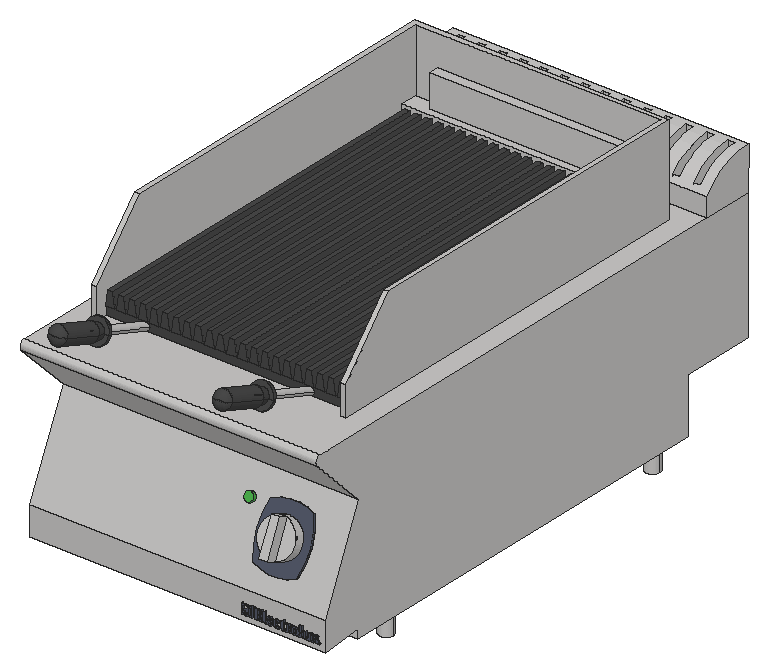
Revit family "QF_ELECTROLUXPROFESSIONAL_371239_E7GREDGS0U", category Specialty Equipment, Revit 2018
Family settings
  Round Connector Dimension = Use Diameter
  Part Type = Normal
  Work Plane-Based = No
  Always vertical = Yes
  Cut with Voids When Loaded = No
  Shared = No
  Room Calculation Point = No
Parameters
  Width = 400.05 mm  # constant formula
  Weight in Pounds = 71  # constant formula
  Watts = 6000 VA  # 6000 W
  Volts = 400 V  # constant formula
  URL Cutsheet = "www.electrolux.com/foodservice"
  URL = "www.electrolux.com/foodservice"
  Type Mark [instance] = ""
  Status [instance] = ""
  Specification by User [instance] = ""
  Specification by Manufacturer = ""
  Show Logo [instance] = yes
  Show Clearance [instance] = yes
  Serial Number = ""
  Seismic Rating = ""
  SMACNA No = ""
  Revision Code [instance] = ""
  Phase = 3  # constant formula
  Omniclass Number and Title = ""
  Number of Poles [instance] = 1
  NAFEM Spec ID Number = ""
  Model = "371062"
  Min Ckt Ampacity = 0 A
  Max Overcurrent Protection = 0 A
  Masterspec = ""
  Manufacturer = "ELECTROLUX"
  Item Number [instance] = ""
  Installed By [instance] = ""
  Identify Quantity as Lot [instance] = yes
  Height = 396 mm  # constant formula
  HP = "5.4 HP"
  Furnished By [instance] = ""
  Foodservice Equipment Identifier [instance] = yes
  FL Amps = if(Phase = 3, Watts / (Volts * 1.73), Watts / Volts)  # 8.67052 A
  Electrical Remarks [instance] = "400 V/3N ph/50/60 Hz"  # constant formula
  Electric Connection Type [instance] = ""
  Elec Conn RI Height [instance] = 0 mm
  Elec Conn Connection Height [instance] = 0 mm
  Direct Waste Size = 0"
  Description = "700XP Half Module Electric Char-Grill Top"
  Depth = 730.25 mm  # constant formula
  Cycle [instance] = if([60 Hertz Option], 60 Hz, 50 Hz)  # 60 Hz
  Conn Plug = ""
  Conn Conduit = yes
  CSI MasterFormat = ""
  CSI Master Format = ""
  Base Height [instance] = 23.813 mm  # constant formula
  Assembly Code = ""
  Apparent Power = if(Phase = 3, Volts * FL Amps * 1.73, Volts * FL Amps)  # 6000 VA
  60 Hertz Option [instance] = not([50 Hertz Option])  # yes
  50 Hertz Option [instance] = no
Reference planes
  plane 1 "BACK": y = 0
  plane 2: z = 0
  plane 3 "LEFT": x = 0
  plane 4 "RIGHT": x = 400.05
  plane 5 "FRONT": y = -730.25
  plane 6 "TOP": z = 288.925
  plane 7 "Center Y": x = 200.025
  plane 8 "Center X": y = -365.125
  plane 9 "BASE": z = 23.813
  plane 10 "TOP A": z = 274.638
  plane 11: y = -597.884
  plane 12: y = -147.637
  plane 13: z = 396
Forms (mm)
  Extrusion 1, solid, material "QF_Finishes_Stainless Steel"
    sketch origin (0, 0, 0) x (0, 1, 0) y (0, 0, 1)
      loop
        line (0, 274.638) -> (-722.762, 274.638)
        arc (-722.762, 274.638) -> (-729.591, 270.074) -> (-727.988, 262.019) r 7.392
        line (-727.988, 262.019) -> (-657.416, 191.447) -> (-713.772, 69.003) -> (-713.772, 30.903) -> (-660.4, 36.513) -> (-660.4, 23.812) -> (-101.6, 23.812) -> (-101.6, 98.425) -> (0, 98.425) -> (0, 274.638)
    from 0 to 400.05
  Extrusion 2, solid, material "QF_Finishes_Stainless Steel"
    sketch origin (0, 0, 0) x (1, 0, 0) y (0, 1, 0)
      loop
        circle (11.112, -147.638) r 9.525
      loop
        circle (11.112, -597.884) r 9.525
      loop
        circle (388.937, -147.638) r 9.525
      loop
        circle (388.937, -597.884) r 9.525
    from 0 to 23.813
  Extrusion 3, solid, material "QF_Finishes_Navy Blue", visible <- "Show Logo"
    sketch origin (0, -713.772, 30.903) x (0, 0, 1) y (-1, 0, 0)
      loop
        line (20.674, -296.698) -> (8.307, -296.698)
        arc (8.307, -296.698) -> (14.491, -301.27) -> (20.674, -296.698) r 6.467
      loop
        arc (20.674, -296.069) -> (19.505, -290.926) -> (14.849, -288.448) r 6.338
        line (14.849, -288.448) -> (14.849, -290.494)
        arc (14.849, -290.494) -> (16.333, -294.149) -> (19.778, -296.069) r 5.941
        line (19.778, -296.069) -> (20.674, -296.069)
      loop
        arc (9.203, -296.069) -> (12.648, -294.149) -> (14.132, -290.494) r 5.941
        line (14.132, -290.494) -> (14.132, -288.448)
        arc (14.132, -288.448) -> (9.438, -290.922) -> (8.148, -296.069) r 6.504
        line (8.148, -296.069) -> (9.203, -296.069)
      loop
        line (21.349, -287.979) -> (7.604, -287.979) -> (7.604, -301.742) -> (21.349, -301.742) -> (21.349, -287.979)
      loop
        arc (21.432, -304.71) -> (21.085, -304.352) -> (20.718, -304.69) r 0.358
        arc (20.718, -304.69) -> (20.404, -305.44) -> (19.687, -305.825) r 1.216
        line (19.687, -305.825) -> (9.274, -305.825)
        arc (9.274, -305.825) -> (8.614, -305.548) -> (8.218, -304.951) r 1.238
        arc (8.218, -304.951) -> (7.823, -304.7) -> (7.518, -305.054) r 0.358
        line (7.518, -305.054) -> (7.518, -314.933) -> (10.269, -314.933) -> (10.269, -314.036)
        arc (10.269, -314.036) -> (9.36, -313.456) -> (8.904, -312.479) r 1.928
        line (8.904, -312.479) -> (8.904, -309.98)
        arc (8.904, -309.98) -> (9.18, -309.251) -> (9.868, -308.887) r 1.101
        line (9.868, -308.887) -> (13.955, -308.887) -> (13.955, -312.561)
        arc (13.955, -312.561) -> (13.602, -313.058) -> (13.037, -313.286) r 1.083
        arc (13.037, -313.286) -> (12.773, -313.591) -> (13.065, -313.869) r 0.292
        line (13.065, -313.869) -> (16.028, -313.869)
        arc (16.028, -313.869) -> (16.33, -313.596) -> (16.092, -313.266) r 0.305
        arc (16.092, -313.266) -> (15.601, -313.018) -> (15.296, -312.561) r 1.083
        line (15.296, -312.561) -> (15.296, -308.887) -> (19.973, -308.887) -> (19.973, -312.635)
        arc (19.973, -312.635) -> (19.759, -313.39) -> (19.153, -313.888) r 1.314
        arc (19.153, -313.888) -> (18.934, -314.292) -> (19.288, -314.585) r 0.361
        line (19.288, -314.585) -> (21.432, -314.585) -> (21.432, -304.71)
      loop
        arc (20.715, -315.365) -> (20.335, -316.284) -> (19.416, -316.664) r 1.299
        line (19.416, -316.664) -> (9.837, -316.664)
        arc (9.837, -316.664) -> (8.999, -316.286) -> (8.728, -315.408) r 1.118
        line (8.728, -315.408) -> (7.518, -315.408) -> (7.518, -320.758) -> (8.706, -320.758)
        arc (8.706, -320.758) -> (8.978, -319.841) -> (9.848, -319.445) r 1.153
        line (9.848, -319.445) -> (21.92, -319.445) -> (20.715, -315.365)
      loop
        line (12.483, -323.394) -> (12.483, -329.842) -> (13.282, -329.842)
        arc (13.282, -329.842) -> (15.862, -328.857) -> (17.131, -326.404) r 3.874
        line (17.131, -326.404) -> (17.131, -324.643)
        arc (17.131, -324.643) -> (15.944, -321.778) -> (13.08, -320.592) r 4.051
        line (13.08, -320.592) -> (11.072, -320.592)
        arc (11.072, -320.592) -> (8.253, -322.077) -> (7.202, -325.084) r 4.352
        arc (7.202, -325.084) -> (7.566, -327.547) -> (8.943, -329.621) r 5.713
        line (8.943, -329.621) -> (9.892, -329.621)
        arc (9.892, -329.621) -> (9.16, -328.052) -> (8.943, -326.334) r 5.579
        arc (8.943, -326.334) -> (9.737, -324.371) -> (11.616, -323.394) r 3.057
        line (11.616, -323.394) -> (12.483, -323.394)
      loop
        line (13.742, -323.394) -> (13.742, -326.977)
        arc (13.742, -326.977) -> (15.199, -327.024) -> (16.082, -325.864) r 1.59
        line (16.082, -325.864) -> (16.082, -325.034)
        arc (16.082, -325.034) -> (15.217, -323.779) -> (13.742, -323.394) r 2.184
      loop
        arc (16.533, -339.259) -> (17.022, -337.585) -> (17.179, -335.848) r 9.023
        line (17.179, -335.848) -> (17.179, -334.486)
        arc (17.179, -334.486) -> (16.02, -331.686) -> (13.22, -330.527) r 3.959
        line (13.22, -330.527) -> (10.62, -330.527)
        arc (10.62, -330.527) -> (8.338, -331.819) -> (7.221, -334.192) r 4.331
        line (7.221, -334.192) -> (7.221, -336.327)
        arc (7.221, -336.327) -> (7.729, -337.877) -> (8.651, -339.223) r 5.772
        arc (8.651, -339.223) -> (9.412, -339.274) -> (9.499, -338.515) r 0.553
        arc (9.499, -338.515) -> (9.111, -337.781) -> (8.977, -336.962) r 2.573
        line (8.977, -336.962) -> (8.977, -335.447)
        arc (8.977, -335.447) -> (9.983, -333.806) -> (11.798, -333.163) r 2.884
        line (11.798, -333.163) -> (13.077, -333.163)
        arc (13.077, -333.163) -> (14.898, -333.723) -> (15.824, -335.388) r 2.554
        line (15.824, -335.388) -> (15.824, -336.441)
        arc (15.824, -336.441) -> (15.493, -337.369) -> (14.836, -338.104) r 2.564
        arc (14.836, -338.104) -> (14.614, -338.821) -> (15.223, -339.259) r 0.643
        line (15.223, -339.259) -> (16.533, -339.259)
      loop
        line (15.515, -339.53) -> (15.515, -341.031) -> (9.467, -341.031)
        arc (9.467, -341.031) -> (7.879, -341.688) -> (7.221, -343.276) r 2.246
        line (7.221, -343.276) -> (7.221, -344.86)
        arc (7.221, -344.86) -> (7.535, -345.725) -> (8.035, -346.496) r 4.06
        arc (8.035, -346.496) -> (8.768, -346.629) -> (9.019, -345.928) r 0.576
        arc (9.019, -345.928) -> (8.913, -345.403) -> (8.977, -344.87) r 1.69
        arc (8.977, -344.87) -> (9.519, -344.082) -> (10.425, -343.779) r 1.506
        line (10.425, -343.779) -> (15.563, -343.779) -> (15.563, -346.176) -> (16.119, -346.733) -> (16.941, -346.733) -> (16.941, -343.873) -> (20.172, -343.873) -> (15.515, -339.53)
      loop
        line (7.438, -347.63) -> (7.438, -353.017) -> (8.548, -353.017)
        arc (8.548, -353.017) -> (8.942, -352.066) -> (9.893, -351.672) r 1.345
        line (9.893, -351.672) -> (13.509, -351.672)
        arc (13.509, -351.672) -> (14.274, -352.264) -> (14.564, -353.186) r 1.615
        line (14.564, -353.186) -> (14.564, -354.742) -> (17.119, -355.427) -> (17.119, -354.044) -> (15.177, -351.485) -> (17.057, -351.485) -> (16.773, -348.779)
        arc (16.773, -348.779) -> (16.333, -348.249) -> (15.674, -348.45) r 0.621
        arc (15.674, -348.45) -> (15.274, -348.792) -> (14.78, -348.975) r 1.501
        line (14.78, -348.975) -> (9.893, -348.975)
        arc (9.893, -348.975) -> (8.942, -348.581) -> (8.548, -347.63) r 1.345
        line (8.548, -347.63) -> (7.438, -347.63)
      loop
        line (13.54, -354.964) -> (10.848, -354.964)
        arc (10.848, -354.964) -> (8.403, -356.272) -> (7.269, -358.803) r 4.288
        arc (7.269, -358.803) -> (7.205, -360.183) -> (7.269, -361.563) r 15.022
        arc (7.269, -361.563) -> (8.403, -364.094) -> (10.848, -365.401) r 4.288
        line (10.848, -365.401) -> (13.54, -365.401)
        arc (13.54, -365.401) -> (15.986, -364.094) -> (17.119, -361.563) r 4.288
        arc (17.119, -361.563) -> (17.183, -360.183) -> (17.119, -358.803) r 15.022
        arc (17.119, -358.803) -> (15.986, -356.272) -> (13.54, -354.964) r 4.288
      loop
        line (13.745, -358.078) -> (10.643, -358.078)
        arc (10.643, -358.078) -> (8.486, -360.235) -> (10.643, -362.392) r 2.157
        line (10.643, -362.392) -> (13.745, -362.392)
        arc (13.745, -362.392) -> (15.902, -360.235) -> (13.745, -358.078) r 2.157
      loop
        arc (20.726, -365.26) -> (20.355, -366.154) -> (19.461, -366.524) r 1.264
        line (19.461, -366.524) -> (9.597, -366.524)
        arc (9.597, -366.524) -> (8.727, -366.127) -> (8.455, -365.211) r 1.153
        line (8.455, -365.211) -> (7.518, -365.211) -> (7.518, -370.319) -> (8.446, -370.319)
        arc (8.446, -370.319) -> (8.805, -369.547) -> (9.597, -369.232) r 1.153
        line (9.597, -369.232) -> (21.92, -369.232) -> (20.726, -365.26)
      loop
        arc (15.846, -369.857) -> (15.647, -370.921) -> (14.678, -371.403) r 1.215
        line (14.678, -371.403) -> (9.658, -371.403)
        arc (9.658, -371.403) -> (8.043, -372.051) -> (7.322, -373.634) r 2.338
        line (7.322, -373.634) -> (7.322, -375.148)
        arc (7.322, -375.148) -> (7.497, -376.152) -> (7.999, -377.038) r 2.979
        line (7.999, -377.038) -> (7.518, -378.835) -> (7.518, -380.524) -> (16.943, -380.524) -> (16.649, -376.32) -> (15.863, -376.32)
        arc (15.863, -376.32) -> (15.507, -377.156) -> (14.755, -377.665) r 1.605
        line (14.755, -377.665) -> (9.652, -377.665)
        arc (9.652, -377.665) -> (9.232, -376.728) -> (9.159, -375.704) r 2.94
        arc (9.159, -375.704) -> (9.72, -374.603) -> (10.873, -374.16) r 1.724
        line (10.873, -374.16) -> (17.07, -374.16) -> (15.846, -369.857)
      loop
        line (16.874, -381.377) -> (15.202, -383.423) -> (12.028, -385.729) -> (8.572, -382.617)
        arc (8.572, -382.617) -> (8.335, -382.223) -> (8.357, -381.764) r 0.789
        line (8.357, -381.764) -> (7.518, -381.764) -> (7.518, -385.309) -> (8.344, -385.309)
        arc (8.344, -385.309) -> (8.686, -384.947) -> (9.176, -385.039) r 0.52
        line (9.176, -385.039) -> (10.976, -386.51) -> (8.858, -387.886)
        arc (8.858, -387.886) -> (8.457, -387.576) -> (8.37, -387.076) r 0.7
        line (8.37, -387.076) -> (7.518, -387.076) -> (7.518, -393.003) -> (8.405, -393.003)
        arc (8.405, -393.003) -> (8.472, -392.344) -> (8.866, -391.813) r 1.247
        line (8.866, -391.813) -> (13.066, -388.532) -> (15.513, -390.585) -> (16.874, -392.327) -> (16.874, -388.604) -> (15.389, -389.026) -> (13.868, -387.749) -> (15.568, -386.559) -> (16.874, -387.336) -> (16.874, -381.377)
    from 0 to 1.644
  Extrusion 4, solid, material "QF_Finishes_Stainless Steel"
    sketch origin (0, -101.6, 101.6) x (0, 0, -1) y (-1, 0, 0)
      loop
        circle (43.882, -347.663) r 8.467
    from 0 to 3.175
  Extrusion 5, solid, material "QF_Finishes_Clearance", visible <- "Show Clearance", detail levels coarse
    sketch origin (0, 0, 0) x (1, 0, 0) y (0, 1, 0)
      loop
        line (0, -730.25) -> (0, 0) -> (400.05, 0) -> (400.05, -730.25) -> (550.069, -730.25) -> (550.069, 150.019) -> (-150.019, 150.019) -> (-150.019, -730.25) -> (0, -730.25)
    from 0 to 396
  Extrusion 6, solid, material "QF_Finishes_Stainless Steel"
    sketch origin (0, 0, 0) x (0, 1, 0) y (0, 0, 1)
      loop
        line (0, 274.638) -> (0, 333.375)
        arc (0, 333.375) -> (-38.879, 324.991) -> (-69.85, 300.038) r 86.156
        line (-69.85, 300.038) -> (-69.85, 274.638) -> (0, 274.638)
    from 0 to 400.05
  Extrusion 7, void
    sketch origin (0, 0, 274.638) x (-1, 0, 0) y (0, -1, 0)
      loop
        line (-13.453, 6.761) -> (-13.453, 63.911) -> (-22.749, 63.911) -> (-22.749, 6.761) -> (-13.453, 6.761)
    from 25.4 to 63.5
  Extrusion 8, void
    sketch origin (400.05, 0, 274.638) x (1, 0, 0) y (0, 1, 0)
      loop
        line (-13.453, -6.761) -> (-22.749, -6.761) -> (-22.749, -63.911) -> (-13.453, -63.911) -> (-13.453, -6.761)
    from 25.4 to 63.5
  Extrusion 9, void
    sketch origin (27.988, 0, 274.638) x (-1, 0, 0) y (0, -1, 0)
      loop
        line (-13.453, 6.761) -> (-13.453, 63.911) -> (-22.749, 63.911) -> (-22.749, 6.761) -> (-13.453, 6.761)
    from 25.4 to 63.5
  Extrusion 10, void
    sketch origin (55.977, 0, 274.638) x (-1, 0, 0) y (0, -1, 0)
      loop
        line (-13.453, 6.761) -> (-13.453, 63.911) -> (-22.749, 63.911) -> (-22.749, 6.761) -> (-13.453, 6.761)
    from 25.4 to 63.5
  Extrusion 11, void
    sketch origin (83.965, 0, 274.638) x (-1, 0, 0) y (0, -1, 0)
      loop
        line (-13.453, 6.761) -> (-13.453, 63.911) -> (-22.749, 63.911) -> (-22.749, 6.761) -> (-13.453, 6.761)
    from 25.4 to 63.5
  Extrusion 12, void
    sketch origin (111.953, 0, 274.638) x (-1, 0, 0) y (0, -1, 0)
      loop
        line (-13.453, 6.761) -> (-13.453, 63.911) -> (-22.749, 63.911) -> (-22.749, 6.761) -> (-13.453, 6.761)
    from 25.4 to 63.5
  Extrusion 13, void
    sketch origin (139.942, 0, 274.638) x (-1, 0, 0) y (0, -1, 0)
      loop
        line (-13.453, 6.761) -> (-13.453, 63.911) -> (-22.749, 63.911) -> (-22.749, 6.761) -> (-13.453, 6.761)
    from 25.4 to 63.5
  Extrusion 14, void
    sketch origin (167.93, 0, 274.638) x (-1, 0, 0) y (0, -1, 0)
      loop
        line (-13.453, 6.761) -> (-13.453, 63.911) -> (-22.749, 63.911) -> (-22.749, 6.761) -> (-13.453, 6.761)
    from 25.4 to 63.5
  Extrusion 15, void
    sketch origin (195.918, 0, 274.638) x (-1, 0, 0) y (0, -1, 0)
      loop
        line (-13.453, 6.761) -> (-13.453, 63.911) -> (-22.749, 63.911) -> (-22.749, 6.761) -> (-13.453, 6.761)
    from 25.4 to 63.5
  Extrusion 16, void
    sketch origin (223.907, 0, 274.638) x (-1, 0, 0) y (0, -1, 0)
      loop
        line (-13.453, 6.761) -> (-13.453, 63.911) -> (-22.749, 63.911) -> (-22.749, 6.761) -> (-13.453, 6.761)
    from 25.4 to 63.5
  Extrusion 17, void
    sketch origin (251.895, 0, 274.638) x (-1, 0, 0) y (0, -1, 0)
      loop
        line (-13.453, 6.761) -> (-13.453, 63.911) -> (-22.749, 63.911) -> (-22.749, 6.761) -> (-13.453, 6.761)
    from 25.4 to 63.5
  Extrusion 18, void
    sketch origin (279.884, 0, 274.638) x (-1, 0, 0) y (0, -1, 0)
      loop
        line (-13.453, 6.761) -> (-13.453, 63.911) -> (-22.749, 63.911) -> (-22.749, 6.761) -> (-13.453, 6.761)
    from 25.4 to 63.5
  Extrusion 19, void
    sketch origin (307.872, 0, 274.638) x (-1, 0, 0) y (0, -1, 0)
      loop
        line (-13.453, 6.761) -> (-13.453, 63.911) -> (-22.749, 63.911) -> (-22.749, 6.761) -> (-13.453, 6.761)
    from 25.4 to 63.5
  Extrusion 20, void
    sketch origin (335.86, 0, 274.638) x (-1, 0, 0) y (0, -1, 0)
      loop
        line (-13.453, 6.761) -> (-13.453, 63.911) -> (-22.749, 63.911) -> (-22.749, 6.761) -> (-13.453, 6.761)
    from 25.4 to 63.5
  Sweep 21, solid, material "QF_Finishes_Stainless Steel"
    path origin (0, -2.381, 274.638) x (-1, 0, 0) y (0, -1, 0)
      loop
        line (-365.025, 642.504) -> (-365.025, 102.504) -> (-35.025, 102.504) -> (-35.025, 642.504)
    profile origin (35.025, -374.885, 274.638) x (1, 0, 0) y (0, 0, 1)
      loop
        line (-6.35, 0) -> (0, 0) -> (0, 121.362) -> (-6.35, 121.362) -> (-6.35, 0)
  Extrusion 22, void
    sketch origin (28.675, -98.535, 274.638) x (0, 1, 0) y (0, 0, 1)
      loop
        line (-546.35, 40.481) -> (-473.32, 121.363) -> (-546.35, 121.363) -> (-546.35, 40.481)
    from 0 to 6.35
  Extrusion 23, void
    sketch origin (371.375, -644.885, 274.638) x (0, -1, 0) y (0, 0, 1)
      loop
        line (0, 40.481) -> (0, 121.362) -> (-73.03, 121.362) -> (0, 40.481)
    from 0 to 6.35
  Extrusion 24, solid, material "QF_Finishes_Navy Blue"
    sketch origin (161.494, -713.772, 69.003) x (0, 0.418102, 0.9084) y (-1, 0, 0)
      loop
        arc (102.623, -132.62) -> (67.041, -124.996) -> (31.333, -132.003) r 90.5
        arc (31.333, -132.003) -> (24.507, -161.19) -> (31.333, -190.378) r 65.817
        arc (31.333, -190.378) -> (67.04, -197.338) -> (102.623, -189.765) r 91.066
        arc (102.623, -189.765) -> (109.179, -161.193) -> (102.623, -132.62) r 65.546
    from 0 to 3.175
  Extrusion 25, solid, material "QF_Finishes_Stainless Steel"
    sketch origin (161.494, -717.485, 68.529) x (0, 0.418102, 0.9084) y (-1, 0, 0)
      loop
        circle (68.826, -160.963) r 25.4
    from 0 to 12.7
  Extrusion 26, solid, material "QF_Finishes_Stainless Steel"
    sketch origin (161.494, -729.022, 73.839) x (0, 0.418102, 0.9084) y (-1, 0, 0)
      loop
        arc (93.558, -166.749) -> (94.226, -160.963) -> (93.558, -155.177) r 25.4
        line (93.558, -155.177) -> (44.094, -155.177)
        arc (44.094, -155.177) -> (43.426, -160.963) -> (44.094, -166.749) r 25.4
        line (44.094, -166.749) -> (93.558, -166.749)
    from 0 to 12.7
  Extrusion 27, solid, material "QF_Finishes_Green"
    sketch origin (175.781, -713.772, 69.003) x (0, 0.418102, 0.9084) y (-1, 0, 0)
      loop
        circle (95.112, -90.848) r 6.35
    from 0 to 3.175
  Extrusion 28, solid, material "QF_Finishes_Black"
    sketch origin (0, 0, 274.638) x (0, -1, 0) y (1, 0, 0)
      loop
        line (629.449, 35.025) -> (629.449, 365.025) -> (130.285, 365.025) -> (130.285, 35.025) -> (629.449, 35.025)
    from 0 to 12.7
  Extrusion 29, solid, material "QF_Finishes_Stainless Steel"
    sketch origin (0, 0, 274.638) x (0, -1, 0) y (1, 0, 0)
      loop
        line (130.285, 36.446) -> (130.285, 363.471) -> (107.795, 363.471) -> (107.795, 36.446) -> (130.285, 36.446)
    from 0 to 37.056
  Extrusion 30, solid, material "QF_Finishes_Stainless Steel"
    sketch origin (27.525, -633.969, 275.303) x (1, 0, 0) y (0, 0.34202, 0.939693)
      loop
        circle (61.287, 5.861) r 5
    from -3.7 to 82.273
  Revolve 31, solid, material "QF_Finishes_Black"
    sketch origin (20, -49.305, 68.74) x (-1, 0, 0) y (0, -0.939693, 0.34202)
      loop
        line (-68.646, 702.326) -> (-52.047, 702.326) -> (-52.047, 705.521) -> (-58.855, 705.521) -> (-56.599, 718.318) -> (-56.599, 774.739)
        arc (-56.599, 774.739) -> (-61.206, 781.03) -> (-68.646, 783.364) r 12.496
        line (-68.646, 783.364) -> (-68.646, 702.326)
      axis (-68.812, 702.326) -> (-68.812, 783.364)
    angle from 0 to 360
  Extrusion 32, solid, material "QF_Finishes_Stainless Steel"
    sketch origin (372.525, -633.969, 275.303) x (-1, 0, 0) y (0, -0.34202, -0.939693)
      loop
        circle (61.287, -5.861) r 5
    from -3.7 to 82.273
  Revolve 33, solid, material "QF_Finishes_Black"
    sketch origin (380.05, -49.305, 68.74) x (1, 0, 0) y (0, 0.939693, -0.34202)
      loop
        line (-68.646, -702.326) -> (-68.646, -783.364)
        arc (-68.646, -783.364) -> (-61.206, -781.03) -> (-56.599, -774.739) r 12.496
        line (-56.599, -774.739) -> (-56.599, -718.318) -> (-58.855, -705.521) -> (-52.047, -705.521) -> (-52.047, -702.326) -> (-68.646, -702.326)
      axis (-68.812, -702.326) -> (-68.812, -783.364)
    angle from 0 to 360
  Extrusion 34, solid, material "QF_Finishes_Stainless Steel"
    sketch origin (0, 0, 311.693) x (0, -1, 0) y (1, 0, 0)
      loop
        line (107.795, 66.394) -> (120.723, 66.394) -> (120.723, 333.656) -> (107.795, 333.656) -> (107.795, 66.394)
    from 0 to 43.675
Cuts and joins
  Extrusion 7, Extrusion 8, Extrusion 9, Extrusion 10, Extrusion 11, Extrusion 12, Extrusion 13, Extrusion 14, Extrusion 15, Extrusion 16, Extrusion 17, Extrusion 18, Extrusion 19, Extrusion 20 cuts Extrusion 6
  Extrusion 22, Extrusion 23 cuts Sweep 21
Lines and regions (mm)
  symbolic lines, style "QF-Clearances", visible <- "Show Clearance", detail levels coarse
    curve 1: line (550.069, 150.019, 274.638) -> (-150.019, 150.019, 274.638)
    curve 2: line (550.069, -731.627, 274.638) -> (550.069, 150.019, 274.638)
    curve 3: line (-150.019, 150.019, 274.638) -> (-150.019, -730.25, 274.638)
    curve 4: line (550.069, 150.019, 274.638) -> (-150.019, 150.019, 274.638)
    curve 5: line (550.069, -730.25, 274.638) -> (550.069, 150.019, 274.638)
  symbolic lines
    curve 6: line (0, 0, 274.638) -> (400.05, 0, 274.638)
    curve 7: line (0, -730.25, 274.638) -> (0, 0, 274.638)
    curve 8: line (400.05, 0, 274.638) -> (400.05, -730.25, 274.638)
    curve 9: line (35.025, -104.885, 274.638) -> (35.025, -644.885, 274.638)
    curve 10: line (28.675, -644.885, 274.638) -> (35.025, -644.885, 274.638)
    curve 11: line (365.025, -644.885, 274.638) -> (365.025, -104.885, 274.638)
    curve 12: line (365.025, -104.885, 274.638) -> (35.025, -104.885, 274.638)
    curve 13: line (0, -69.85, 274.638) -> (400.05, -69.85, 274.638)
    curve 14: line (400.05, -730.25, 274.638) -> (323.451, -730.25, 274.638)
    curve 15: line (28.675, -98.535, 274.638) -> (28.675, -644.885, 274.638)
    curve 16: line (28.675, -98.535, 274.638) -> (371.375, -98.535, 274.638)
    curve 17: line (371.375, -98.535, 274.638) -> (371.375, -644.885, 274.638)
    curve 18: line (13.453, -6.761, 274.638) -> (22.749, -6.761, 274.638)
    curve 19: line (13.453, -63.911, 274.638) -> (13.453, -6.761, 274.638)
    curve 20: line (22.749, -63.911, 274.638) -> (13.453, -63.911, 274.638)
    curve 21: line (22.749, -6.761, 274.638) -> (22.749, -63.911, 274.638)
    curve 22: line (41.441, -6.761, 274.638) -> (50.737, -6.761, 274.638)
    curve 23: line (41.441, -63.911, 274.638) -> (41.441, -6.761, 274.638)
    curve 24: line (50.737, -63.911, 274.638) -> (41.441, -63.911, 274.638)
    curve 25: line (50.737, -6.761, 274.638) -> (50.737, -63.911, 274.638)
    curve 26: line (69.43, -6.761, 274.638) -> (78.725, -6.761, 274.638)
    curve 27: line (69.43, -63.911, 274.638) -> (69.43, -6.761, 274.638)
    curve 28: line (78.725, -63.911, 274.638) -> (69.43, -63.911, 274.638)
    curve 29: line (78.725, -6.761, 274.638) -> (78.725, -63.911, 274.638)
    curve 30: line (97.418, -6.761, 274.638) -> (106.714, -6.761, 274.638)
    curve 31: line (97.418, -63.911, 274.638) -> (97.418, -6.761, 274.638)
    curve 32: line (106.714, -63.911, 274.638) -> (97.418, -63.911, 274.638)
    curve 33: line (106.714, -6.761, 274.638) -> (106.714, -63.911, 274.638)
    curve 34: line (125.406, -6.761, 274.638) -> (134.702, -6.761, 274.638)
    curve 35: line (125.406, -63.911, 274.638) -> (125.406, -6.761, 274.638)
    curve 36: line (134.702, -63.911, 274.638) -> (125.406, -63.911, 274.638)
    curve 37: line (134.702, -6.761, 274.638) -> (134.702, -63.911, 274.638)
    curve 38: line (153.395, -6.761, 274.638) -> (162.69, -6.761, 274.638)
    curve 39: line (153.395, -63.911, 274.638) -> (153.395, -6.761, 274.638)
    curve 40: line (162.69, -63.911, 274.638) -> (153.395, -63.911, 274.638)
    curve 41: line (162.69, -6.761, 274.638) -> (162.69, -63.911, 274.638)
    curve 42: line (181.383, -6.761, 274.638) -> (190.679, -6.761, 274.638)
    curve 43: line (181.383, -63.911, 274.638) -> (181.383, -6.761, 274.638)
    curve 44: line (190.679, -63.911, 274.638) -> (181.383, -63.911, 274.638)
    curve 45: line (190.679, -6.761, 274.638) -> (190.679, -63.911, 274.638)
    curve 46: line (209.371, -6.761, 274.638) -> (218.667, -6.761, 274.638)
    curve 47: line (209.371, -63.911, 274.638) -> (209.371, -6.761, 274.638)
    curve 48: line (218.667, -63.911, 274.638) -> (209.371, -63.911, 274.638)
    curve 49: line (218.667, -6.761, 274.638) -> (218.667, -63.911, 274.638)
    curve 50: line (237.36, -6.761, 274.638) -> (246.655, -6.761, 274.638)
    curve 51: line (237.36, -63.911, 274.638) -> (237.36, -6.761, 274.638)
    curve 52: line (246.655, -63.911, 274.638) -> (237.36, -63.911, 274.638)
    curve 53: line (246.655, -6.761, 274.638) -> (246.655, -63.911, 274.638)
    curve 54: line (265.348, -6.761, 274.638) -> (274.644, -6.761, 274.638)
    curve 55: line (265.348, -63.911, 274.638) -> (265.348, -6.761, 274.638)
    curve 56: line (274.644, -63.911, 274.638) -> (265.348, -63.911, 274.638)
    curve 57: line (274.644, -6.761, 274.638) -> (274.644, -63.911, 274.638)
    curve 58: line (293.336, -6.761, 274.638) -> (302.632, -6.761, 274.638)
    curve 59: line (293.336, -63.911, 274.638) -> (293.336, -6.761, 274.638)
    curve 60: line (302.632, -63.911, 274.638) -> (293.336, -63.911, 274.638)
    curve 61: line (302.632, -6.761, 274.638) -> (302.632, -63.911, 274.638)
    curve 62: line (321.325, -6.761, 274.638) -> (330.62, -6.761, 274.638)
    curve 63: line (321.325, -63.911, 274.638) -> (321.325, -6.761, 274.638)
    curve 64: line (330.62, -63.911, 274.638) -> (321.325, -63.911, 274.638)
    curve 65: line (330.62, -6.761, 274.638) -> (330.62, -63.911, 274.638)
    curve 66: line (349.313, -6.761, 274.638) -> (358.609, -6.761, 274.638)
    curve 67: line (349.313, -63.911, 274.638) -> (349.313, -6.761, 274.638)
    curve 68: line (358.609, -63.911, 274.638) -> (349.313, -63.911, 274.638)
    curve 69: line (358.609, -6.761, 274.638) -> (358.609, -63.911, 274.638)
    curve 70: line (377.301, -6.761, 274.638) -> (386.597, -6.761, 274.638)
    curve 71: line (377.301, -63.911, 274.638) -> (377.301, -6.761, 274.638)
    curve 72: line (386.597, -63.911, 274.638) -> (377.301, -63.911, 274.638)
    curve 73: line (386.597, -6.761, 274.638) -> (386.597, -63.911, 274.638)
    curve 74: line (365.025, -644.885, 274.638) -> (371.375, -644.885, 274.638)
    curve 75: line (83.827, -631.964, 274.638) -> (83.827, -704.25, 274.638)
    curve 76: line (78.855, -712.278, 274.638) -> (76.599, -724.303, 274.638)
    curve 77: line (76.599, -724.303, 274.638) -> (76.599, -777.322, 274.638)
    curve 78: spline (99.8, -717.059, 274.638) -> (103.853, -714.73, 274.638) -> (105.493, -711.888, 274.638) -> (104.455, -708.992, 274.638) -> (100.907, -706.509, 274.638) -> (95.42, -704.839, 274.638) -> (88.879, -704.25, 274.638) -> (82.338, -704.839, 274.638) -> (76.851, -706.509, 274.638) -> (73.302, -708.992, 274.638) -> (72.264, -711.888, 274.638) -> (73.905, -714.73, 274.638) -> (77.958, -717.059, 274.638)
    curve 79: line (98.902, -712.278, 274.638) -> (101.159, -724.303, 274.638)
    curve 80: line (101.159, -724.303, 274.638) -> (101.159, -777.322, 274.638)
    curve 81: arc (76.599, -777.322, 274.638) -> (88.879, -785.427, 274.638) -> (101.159, -777.322, 274.638) r 13.355
    curve 82: arc (76.599, -724.303, 274.638) -> (88.879, -720.605, 274.638) -> (101.159, -724.303, 274.638) r 22.236
    curve 83: arc (76.599, -777.322, 274.638) -> (88.879, -772.721, 274.638) -> (101.159, -777.322, 274.638) r 18.687
    curve 84: arc (105.449, -712.182, 274.638) -> (88.732, -706.636, 274.638) -> (72.047, -712.278, 274.638) r 27.728
    curve 85: line (93.931, -631.964, 274.638) -> (93.931, -704.25, 274.638)
    curve 86: arc (78.855, -712.278, 274.638) -> (88.879, -709.039, 274.638) -> (98.902, -712.278, 274.638) r 17.132
    curve 87: line (76.599, -730.25, 274.638) -> (0, -730.25, 274.638)
    curve 88: line (316.223, -631.964, 274.638) -> (316.223, -704.25, 274.638)
    curve 89: line (321.195, -712.278, 274.638) -> (323.451, -724.303, 274.638)
    curve 90: line (323.451, -724.303, 274.638) -> (323.451, -777.322, 274.638)
    curve 91: spline (300.25, -717.059, 274.638) -> (296.197, -714.73, 274.638) -> (294.557, -711.888, 274.638) -> (295.595, -708.992, 274.638) -> (299.143, -706.509, 274.638) -> (304.63, -704.839, 274.638) -> (311.171, -704.25, 274.638) -> (317.712, -704.839, 274.638) -> (323.199, -706.509, 274.638) -> (326.748, -708.992, 274.638) -> (327.786, -711.888, 274.638) -> (326.145, -714.73, 274.638) -> (322.092, -717.059, 274.638)
    curve 92: line (301.148, -712.278, 274.638) -> (298.891, -724.303, 274.638)
    curve 93: line (298.891, -724.303, 274.638) -> (298.891, -777.322, 274.638)
    curve 94: arc (323.451, -777.322, 274.638) -> (311.171, -785.427, 274.638) -> (298.891, -777.322, 274.638) r 13.355
    curve 95: arc (323.451, -724.303, 274.638) -> (311.171, -720.605, 274.638) -> (298.891, -724.303, 274.638) r 22.236
    curve 96: arc (323.451, -777.322, 274.638) -> (311.171, -772.721, 274.638) -> (298.891, -777.322, 274.638) r 18.687
    curve 97: arc (294.601, -712.182, 274.638) -> (311.318, -706.636, 274.638) -> (328.003, -712.278, 274.638) r 27.728
    curve 98: line (306.119, -631.964, 274.638) -> (306.119, -704.25, 274.638)
    curve 99: arc (321.195, -712.278, 274.638) -> (311.171, -709.039, 274.638) -> (301.148, -712.278, 274.638) r 17.132
    curve 100: line (36.446, -107.795, 274.638) -> (363.471, -107.795, 274.638)
    curve 101: line (36.446, -130.285, 274.638) -> (36.446, -107.795, 274.638)
    curve 102: line (363.471, -130.285, 274.638) -> (36.446, -130.285, 274.638)
    curve 103: line (363.471, -107.795, 274.638) -> (363.471, -130.285, 274.638)
    curve 104: line (66.394, -120.723, 274.638) -> (66.394, -107.795, 274.638)
    curve 105: line (66.394, -120.723, 274.638) -> (333.656, -120.723, 274.638)
    curve 106: line (333.656, -120.723, 274.638) -> (333.656, -107.795, 274.638)
    curve 107: line (298.891, -730.25, 274.638) -> (101.159, -730.25, 274.638)
Dimensions and locks
  equal spacing: plane 3 "LEFT", plane 7 "Center Y", plane 4 "RIGHT"
  "Width": plane 3 "LEFT" to plane 4 "RIGHT"
  equal spacing: plane 5 "FRONT", plane 8 "Center X", plane 1 "BACK"
  "Depth": plane 5 "FRONT" to plane 1 "BACK"
  plane 1 "BACK" to plane 5 "FRONT" = 730.25 mm
  "Base Height": plane 9 "BASE" to level
  locked: plane 10 "TOP A" to plane 9 "BASE" at 250.825
  plane 10 "TOP A" to plane 9 "BASE" = 250.825 mm
  plane 9 "BASE" to level = 23.813 mm
  Sweep 21 sketch curve to level = 396 mm
  plane 4 "RIGHT" to Extrusion 4 sketch curve = 52.388 mm
  "Height": plane 13 to level
  aligned and locked: level to plane 2
Automatic sketch dimensions
  plane 4 "RIGHT" to curve 5 = 150.019 mm
  plane 5 "FRONT" to curve 3 = 0 mm
  curve 3 to plane 3 "LEFT" = 150.019 mm
  curve 4 to plane 1 "BACK" = 150.019 mm
  plane 5 "FRONT" to curve 5 = 0 mm
  plane 11 to Extrusion 2 sketch curve = 0 mm  (x2)
  plane 12 to Extrusion 2 sketch curve = 0 mm  (x2)
  plane 3 "LEFT" to Extrusion 2 sketch curve = 11.112 mm  (x2)
  Extrusion 2 sketch curve to plane 4 "RIGHT" = 11.113 mm  (x2)
  Extrusion 3 sketch curve to Extrusion 1 = 2.161 mm
  Extrusion 3 sketch curve to Extrusion 1 = 7.202 mm
  Extrusion 3 sketch curve to Extrusion 1 = 7.221 mm  (x2)
  Extrusion 3 sketch curve to Extrusion 3 sketch curve = 5.108 mm  (x2)
  Extrusion 3 sketch curve to Extrusion 3 sketch curve = 0 mm  (x27)
  Extrusion 3 sketch curve to Extrusion 1 = 7.322 mm
  Extrusion 3 sketch curve to Extrusion 3 sketch curve = 0.218 mm
  Extrusion 3 sketch curve to Extrusion 3 sketch curve = 0.195 mm
  Extrusion 3 sketch curve to Extrusion 3 sketch curve = 0.249 mm
  Extrusion 3 sketch curve to Extrusion 1 = 7.518 mm
  Extrusion 3 sketch curve to Extrusion 3 sketch curve = 0.087 mm
  Extrusion 3 sketch curve to Extrusion 3 sketch curve = 0.358 mm
  Extrusion 3 sketch curve to Extrusion 3 sketch curve = 0.481 mm
  Extrusion 3 sketch curve to Extrusion 3 sketch curve = 0.597 mm
  Extrusion 3 sketch curve to Extrusion 3 sketch curve = 0.544 mm
  Extrusion 3 sketch curve to Extrusion 3 sketch curve = 0.936 mm
  Extrusion 3 sketch curve to Extrusion 3 sketch curve = 0.594 mm
  Extrusion 3 sketch curve to Extrusion 3 sketch curve = 0.343 mm
  Extrusion 3 sketch curve to Extrusion 3 sketch curve = 0.159 mm
  Extrusion 3 sketch curve to Extrusion 3 sketch curve = 0.826 mm
  Extrusion 3 sketch curve to Extrusion 3 sketch curve = 0.839 mm
  Extrusion 3 sketch curve to Extrusion 3 sketch curve = 0.852 mm
  Extrusion 3 sketch curve to Extrusion 3 sketch curve = 0.887 mm
  Extrusion 3 sketch curve to Extrusion 3 sketch curve = 0.928 mm
  Extrusion 3 sketch curve to Extrusion 3 sketch curve = 0.938 mm
  Extrusion 3 sketch curve to Extrusion 3 sketch curve = 0.444 mm
  Extrusion 3 sketch curve to Extrusion 3 sketch curve = 1.11 mm  (x3)
  Extrusion 3 sketch curve to Extrusion 3 sketch curve = 0.215 mm
  Extrusion 3 sketch curve to Extrusion 3 sketch curve = 1.43 mm
  Extrusion 3 sketch curve to Extrusion 3 sketch curve = 1.188 mm
  Extrusion 3 sketch curve to Extrusion 3 sketch curve = 1.21 mm  (x2)
  Extrusion 3 sketch curve to Extrusion 3 sketch curve = 0.503 mm
  Extrusion 3 sketch curve to Extrusion 3 sketch curve = 0.488 mm
  Extrusion 3 sketch curve to Extrusion 3 sketch curve = 0.462 mm
  Extrusion 3 sketch curve to Extrusion 3 sketch curve = 1.386 mm
  Extrusion 3 sketch curve to Extrusion 3 sketch curve = 1.742 mm  (x2)
  Extrusion 3 sketch curve to Extrusion 3 sketch curve = 0.821 mm
  Extrusion 3 sketch curve to Extrusion 3 sketch curve = 0.497 mm
  Extrusion 3 sketch curve to Extrusion 3 sketch curve = 0.539 mm
  Extrusion 3 sketch curve to Extrusion 3 sketch curve = 0.686 mm
  Extrusion 3 sketch curve to Extrusion 3 sketch curve = 0.408 mm
  Extrusion 3 sketch curve to Extrusion 3 sketch curve = 0.743 mm
  Extrusion 3 sketch curve to Extrusion 3 sketch curve = 1.16 mm
  Extrusion 3 sketch curve to Extrusion 3 sketch curve = 0.329 mm
  Extrusion 3 sketch curve to Extrusion 3 sketch curve = 1.054 mm
  Extrusion 3 sketch curve to Extrusion 3 sketch curve = 1.056 mm
  Extrusion 3 sketch curve to Extrusion 3 sketch curve = 0.129 mm
  Extrusion 3 sketch curve to Extrusion 3 sketch curve = 0.489 mm
  Extrusion 3 sketch curve to Extrusion 3 sketch curve = 0.441 mm
  Extrusion 3 sketch curve to Extrusion 3 sketch curve = 1.151 mm
  Extrusion 3 sketch curve to Extrusion 3 sketch curve = 1.141 mm  (x2)
  Extrusion 3 sketch curve to Extrusion 3 sketch curve = 0.768 mm
  Extrusion 3 sketch curve to Extrusion 3 sketch curve = 1.653 mm
  Extrusion 3 sketch curve to Extrusion 3 sketch curve = 0.499 mm
  Extrusion 3 sketch curve to Extrusion 3 sketch curve = 0.964 mm
  Extrusion 3 sketch curve to Extrusion 3 sketch curve = 0.949 mm
  Extrusion 3 sketch curve to Extrusion 3 sketch curve = 1.345 mm  (x3)
  Extrusion 3 sketch curve to Extrusion 3 sketch curve = 1.101 mm
  Extrusion 3 sketch curve to Extrusion 3 sketch curve = 0.432 mm
  Extrusion 3 sketch curve to Extrusion 3 sketch curve = 1.142 mm
  Extrusion 3 sketch curve to Extrusion 3 sketch curve = 0.959 mm
  Extrusion 3 sketch curve to Extrusion 3 sketch curve = 0.176 mm
  Extrusion 3 sketch curve to Extrusion 3 sketch curve = 0.728 mm
  Extrusion 3 sketch curve to Extrusion 3 sketch curve = 3.375 mm  (x2)
  Extrusion 3 sketch curve to Extrusion 3 sketch curve = 0.541 mm
  Extrusion 3 sketch curve to Extrusion 3 sketch curve = 0.955 mm
  Extrusion 3 sketch curve to Extrusion 3 sketch curve = 1.251 mm
  Extrusion 3 sketch curve to Extrusion 3 sketch curve = 0.572 mm
  Extrusion 3 sketch curve to Extrusion 3 sketch curve = 1.92 mm
  Extrusion 3 sketch curve to Extrusion 3 sketch curve = 1.224 mm
  Extrusion 3 sketch curve to Extrusion 3 sketch curve = 0.745 mm
  Extrusion 3 sketch curve to Extrusion 3 sketch curve = 2.537 mm
  Extrusion 3 sketch curve to Extrusion 3 sketch curve = 0.896 mm  (x3)
  Extrusion 3 sketch curve to Extrusion 3 sketch curve = 0.036 mm
  Extrusion 3 sketch curve to Extrusion 3 sketch curve = 2.607 mm
  Extrusion 3 sketch curve to Extrusion 3 sketch curve = 0.066 mm
  Extrusion 3 sketch curve to Extrusion 3 sketch curve = 0.248 mm
  Extrusion 3 sketch curve to Extrusion 3 sketch curve = 0.449 mm
  Extrusion 3 sketch curve to Extrusion 3 sketch curve = 1.052 mm
  Extrusion 3 sketch curve to Extrusion 3 sketch curve = 1.863 mm
  Extrusion 3 sketch curve to Extrusion 3 sketch curve = 1.31 mm  (x2)
  Extrusion 3 sketch curve to Extrusion 3 sketch curve = 0.901 mm
  Extrusion 3 sketch curve to Extrusion 3 sketch curve = 1.107 mm
  Extrusion 3 sketch curve to Extrusion 3 sketch curve = 2.122 mm
  Extrusion 3 sketch curve to Extrusion 3 sketch curve = 2.101 mm
  Extrusion 3 sketch curve to Extrusion 3 sketch curve = 0.106 mm
  Extrusion 3 sketch curve to Extrusion 3 sketch curve = 0.029 mm
  Extrusion 3 sketch curve to Extrusion 3 sketch curve = 2.09 mm
  Extrusion 3 sketch curve to Extrusion 3 sketch curve = 1.279 mm
  Extrusion 3 sketch curve to Extrusion 3 sketch curve = 2.008 mm
  Extrusion 3 sketch curve to Extrusion 3 sketch curve = 0.738 mm
  Extrusion 3 sketch curve to Extrusion 3 sketch curve = 0.382 mm
  Extrusion 3 sketch curve to Extrusion 3 sketch curve = 0.384 mm
  Extrusion 3 sketch curve to Extrusion 3 sketch curve = 0.002 mm
  Extrusion 3 sketch curve to Extrusion 3 sketch curve = 0.561 mm
  Extrusion 3 sketch curve to Extrusion 3 sketch curve = 0.592 mm
  Extrusion 3 sketch curve to Extrusion 3 sketch curve = 2.692 mm
  Extrusion 3 sketch curve to Extrusion 3 sketch curve = 1.259 mm
  Extrusion 3 sketch curve to Extrusion 3 sketch curve = 0.802 mm
  Extrusion 3 sketch curve to Extrusion 3 sketch curve = 1.024 mm  (x2)
  Extrusion 3 sketch curve to Extrusion 3 sketch curve = 0.682 mm
  Extrusion 3 sketch curve to Extrusion 3 sketch curve = 5.934 mm
  Extrusion 3 sketch curve to Extrusion 3 sketch curve = 2.186 mm
  Extrusion 3 sketch curve to Extrusion 3 sketch curve = 0.337 mm
  Extrusion 3 sketch curve to Extrusion 3 sketch curve = 0.021 mm
  Extrusion 3 sketch curve to Extrusion 3 sketch curve = 1.005 mm
  Extrusion 3 sketch curve to Extrusion 3 sketch curve = 0.552 mm
  Extrusion 3 sketch curve to Extrusion 3 sketch curve = 0.778 mm
  Extrusion 3 sketch curve to Extrusion 3 sketch curve = 0.063 mm
  Extrusion 3 sketch curve to Extrusion 3 sketch curve = 1.023 mm
  Extrusion 3 sketch curve to Extrusion 3 sketch curve = 3.804 mm
  Extrusion 3 sketch curve to Extrusion 3 sketch curve = 0.486 mm
  Extrusion 3 sketch curve to Extrusion 3 sketch curve = 0.266 mm
  Extrusion 3 sketch curve to Extrusion 3 sketch curve = 1.547 mm
  Extrusion 3 sketch curve to Extrusion 3 sketch curve = 0.717 mm  (x2)
  Extrusion 3 sketch curve to Extrusion 3 sketch curve = 1.667 mm
  Extrusion 3 sketch curve to Extrusion 3 sketch curve = 3.174 mm
  Extrusion 3 sketch curve to Extrusion 3 sketch curve = 0.388 mm
  Extrusion 3 sketch curve to Extrusion 3 sketch curve = 1.342 mm
  Extrusion 3 sketch curve to Extrusion 3 sketch curve = 1.521 mm
  Extrusion 3 sketch curve to Extrusion 3 sketch curve = 0.124 mm
  Extrusion 3 sketch curve to Extrusion 3 sketch curve = 0.291 mm
  Extrusion 3 sketch curve to Extrusion 3 sketch curve = 1.049 mm  (x2)
  Extrusion 3 sketch curve to Extrusion 3 sketch curve = 1.7 mm
  Extrusion 3 sketch curve to Extrusion 3 sketch curve = 0.894 mm
  Extrusion 3 sketch curve to Extrusion 3 sketch curve = 0.989 mm
  Extrusion 3 sketch curve to Extrusion 3 sketch curve = 1.168 mm
  Extrusion 3 sketch curve to Extrusion 3 sketch curve = 1.594 mm
  Extrusion 3 sketch curve to Extrusion 3 sketch curve = 0.731 mm
  Extrusion 3 sketch curve to Extrusion 3 sketch curve = 1.566 mm
  Extrusion 3 sketch curve to Extrusion 3 sketch curve = 0.064 mm
  Extrusion 3 sketch curve to Extrusion 3 sketch curve = 0.556 mm  (x2)
  Extrusion 3 sketch curve to Extrusion 3 sketch curve = 0.48 mm
  Extrusion 3 sketch curve to Extrusion 3 sketch curve = 1.018 mm
  Extrusion 3 sketch curve to Extrusion 3 sketch curve = 0.787 mm
  Extrusion 3 sketch curve to Extrusion 3 sketch curve = 0.618 mm
  Extrusion 3 sketch curve to Extrusion 3 sketch curve = 1.672 mm
  Extrusion 1 to Extrusion 3 sketch curve = 7.723 mm
  Extrusion 3 sketch curve to Extrusion 3 sketch curve = 1.361 mm
  Extrusion 3 sketch curve to Extrusion 3 sketch curve = 0.822 mm
  Extrusion 3 sketch curve to Extrusion 3 sketch curve = 0.069 mm
  Extrusion 3 sketch curve to Extrusion 3 sketch curve = 1.88 mm
  Extrusion 3 sketch curve to Extrusion 3 sketch curve = 0.42 mm
  Extrusion 3 sketch curve to Extrusion 3 sketch curve = 0.062 mm
  Extrusion 3 sketch curve to Extrusion 3 sketch curve = 1.355 mm
  Extrusion 3 sketch curve to Extrusion 3 sketch curve = 2.34 mm
  Extrusion 3 sketch curve to Extrusion 3 sketch curve = 0.493 mm
  Extrusion 3 sketch curve to Extrusion 3 sketch curve = 0.136 mm
  Extrusion 3 sketch curve to Extrusion 3 sketch curve = 0.128 mm
  Extrusion 3 sketch curve to Extrusion 3 sketch curve = 3.616 mm
  Extrusion 3 sketch curve to Extrusion 3 sketch curve = 4.207 mm
  Extrusion 3 sketch curve to Extrusion 3 sketch curve = 0.183 mm
  Extrusion 3 sketch curve to Extrusion 3 sketch curve = 0.895 mm
  Extrusion 3 sketch curve to Extrusion 3 sketch curve = 1.314 mm
  Extrusion 3 sketch curve to Extrusion 3 sketch curve = 3.231 mm
  Extrusion 3 sketch curve to Extrusion 3 sketch curve = 1.299 mm
  Extrusion 3 sketch curve to Extrusion 3 sketch curve = 1.214 mm
  Extrusion 3 sketch curve to Extrusion 3 sketch curve = 1.264 mm
  Extrusion 3 sketch curve to Extrusion 3 sketch curve = 0.109 mm
  Extrusion 3 sketch curve to Extrusion 3 sketch curve = 0.357 mm
  Extrusion 3 sketch curve to Extrusion 3 sketch curve = 0.565 mm
  Extrusion 3 sketch curve to Extrusion 3 sketch curve = 2.504 mm
  Extrusion 3 sketch curve to Extrusion 3 sketch curve = 2.459 mm
  Extrusion 1 to Extrusion 3 sketch curve = 7.255 mm
  Extrusion 3 sketch curve to Extrusion 3 sketch curve = 0.208 mm
  Extrusion 3 sketch curve to Extrusion 3 sketch curve = 1.559 mm
  Extrusion 3 sketch curve to Extrusion 3 sketch curve = 0.422 mm  (x2)
  Extrusion 3 sketch curve to Extrusion 3 sketch curve = 0.494 mm
  Extrusion 3 sketch curve to Extrusion 3 sketch curve = 3.927 mm
  Extrusion 3 sketch curve to Extrusion 3 sketch curve = 0.782 mm
  Extrusion 3 sketch curve to Extrusion 3 sketch curve = 1.268 mm
  Extrusion 3 sketch curve to Extrusion 3 sketch curve = 0.671 mm
  Extrusion 3 sketch curve to Extrusion 3 sketch curve = 0.777 mm
  Extrusion 3 sketch curve to Extrusion 3 sketch curve = 0.704 mm
  Extrusion 3 sketch curve to Extrusion 3 sketch curve = 0.781 mm  (x2)
  Extrusion 3 sketch curve to Extrusion 3 sketch curve = 1.634 mm
  Extrusion 3 sketch curve to Extrusion 3 sketch curve = 0.132 mm
  Extrusion 3 sketch curve to Extrusion 3 sketch curve = 3.136 mm
  Extrusion 3 sketch curve to Extrusion 3 sketch curve = 2.422 mm
  Extrusion 3 sketch curve to Extrusion 3 sketch curve = 0.586 mm
  Extrusion 3 sketch curve to Extrusion 3 sketch curve = 2.046 mm  (x2)
  Extrusion 3 sketch curve to Extrusion 3 sketch curve = 1.241 mm
  Extrusion 3 sketch curve to Extrusion 3 sketch curve = 1.689 mm
  Extrusion 3 sketch curve to Extrusion 3 sketch curve = 2.859 mm
  Extrusion 3 sketch curve to Extrusion 3 sketch curve = 0.627 mm
  Extrusion 3 sketch curve to Extrusion 3 sketch curve = 0.863 mm
  Extrusion 3 sketch curve to Extrusion 3 sketch curve = 0.419 mm
  Extrusion 3 sketch curve to Extrusion 3 sketch curve = 1.514 mm
  Extrusion 3 sketch curve to Extrusion 3 sketch curve = 1.019 mm
  Extrusion 3 sketch curve to Extrusion 3 sketch curve = 0.065 mm
  Extrusion 3 sketch curve to Extrusion 3 sketch curve = 1.215 mm
  Extrusion 3 sketch curve to Extrusion 3 sketch curve = 2.708 mm
  Extrusion 3 sketch curve to Extrusion 3 sketch curve = 1.122 mm
  Extrusion 3 sketch curve to Extrusion 3 sketch curve = 1.153 mm
  Extrusion 3 sketch curve to Extrusion 3 sketch curve = 3.009 mm
  Extrusion 3 sketch curve to Extrusion 3 sketch curve = 0.829 mm  (x2)
  Extrusion 3 sketch curve to Extrusion 3 sketch curve = 0.934 mm
  Extrusion 3 sketch curve to Extrusion 3 sketch curve = 3.376 mm
  Extrusion 3 sketch curve to Extrusion 3 sketch curve = 0.222 mm
  Extrusion 3 sketch curve to Extrusion 3 sketch curve = 1.383 mm
  Extrusion 3 sketch curve to Extrusion 3 sketch curve = 1.556 mm
  Extrusion 3 sketch curve to Extrusion 3 sketch curve = 2.559 mm
  Extrusion 3 sketch curve to Extrusion 3 sketch curve = 2.51 mm
  Extrusion 3 sketch curve to Extrusion 3 sketch curve = 0.131 mm
  Extrusion 3 sketch curve to Extrusion 3 sketch curve = 1.717 mm
  Extrusion 3 sketch curve to Extrusion 3 sketch curve = 1.134 mm
  Extrusion 3 sketch curve to Extrusion 3 sketch curve = 0.366 mm
  Extrusion 3 sketch curve to Extrusion 3 sketch curve = 0.094 mm
  Extrusion 3 sketch curve to Extrusion 3 sketch curve = 1.584 mm
  Extrusion 3 sketch curve to Extrusion 3 sketch curve = 1.501 mm
  Extrusion 3 sketch curve to Extrusion 3 sketch curve = 0.27 mm
  Extrusion 3 sketch curve to Extrusion 3 sketch curve = 1.808 mm
  Extrusion 3 sketch curve to Extrusion 3 sketch curve = 0.643 mm
  Extrusion 3 sketch curve to Extrusion 3 sketch curve = 0.916 mm
  Extrusion 3 sketch curve to Extrusion 3 sketch curve = 0.352 mm
  Extrusion 3 sketch curve to Extrusion 3 sketch curve = 0.458 mm
  Extrusion 3 sketch curve to Extrusion 3 sketch curve = 1.282 mm
  Extrusion 3 sketch curve to Extrusion 3 sketch curve = 1.363 mm
  Extrusion 3 sketch curve to Extrusion 3 sketch curve = 0.685 mm
  Extrusion 3 sketch curve to Extrusion 3 sketch curve = 0.905 mm
  Extrusion 3 sketch curve to Extrusion 3 sketch curve = 2.865 mm
  Extrusion 3 sketch curve to Extrusion 3 sketch curve = 0.472 mm
  Extrusion 3 sketch curve to Extrusion 3 sketch curve = 0.101 mm
  Extrusion 3 sketch curve to Extrusion 3 sketch curve = 0.54 mm
  Extrusion 3 sketch curve to Extrusion 3 sketch curve = 0.02 mm
  Extrusion 3 sketch curve to Extrusion 3 sketch curve = 0.468 mm
  Extrusion 3 sketch curve to Extrusion 3 sketch curve = 0.582 mm
  Extrusion 3 sketch curve to Extrusion 3 sketch curve = 0.166 mm
  Extrusion 3 sketch curve to Extrusion 3 sketch curve = 0.16 mm
  Extrusion 3 sketch curve to Extrusion 3 sketch curve = 2.781 mm
  Extrusion 3 sketch curve to Extrusion 3 sketch curve = 1.118 mm
  Extrusion 3 sketch curve to Extrusion 3 sketch curve = 0.613 mm
  Extrusion 3 sketch curve to Extrusion 3 sketch curve = 0.361 mm
  Extrusion 3 sketch curve to Extrusion 3 sketch curve = 0.897 mm
  Extrusion 3 sketch curve to Extrusion 3 sketch curve = 0.167 mm
  Extrusion 3 sketch curve to Extrusion 3 sketch curve = 0.292 mm
  Extrusion 3 sketch curve to Extrusion 3 sketch curve = 0.305 mm
  Extrusion 3 sketch curve to Extrusion 3 sketch curve = 1.557 mm
  Extrusion 3 sketch curve to Extrusion 3 sketch curve = 2.499 mm
  Extrusion 3 sketch curve to Extrusion 3 sketch curve = 3.062 mm
  Extrusion 3 sketch curve to Extrusion 3 sketch curve = 2.968 mm
  Extrusion 3 sketch curve to Extrusion 3 sketch curve = 5.044 mm
  Extrusion 3 sketch curve to Extrusion 3 sketch curve = 0.629 mm  (x2)
  Extrusion 3 sketch curve to Extrusion 3 sketch curve = 1.131 mm
  Extrusion 3 sketch curve to Extrusion 3 sketch curve = 0.137 mm
  Extrusion 3 sketch curve to Extrusion 3 sketch curve = 0.027 mm
  Extrusion 3 sketch curve to Extrusion 3 sketch curve = 2.235 mm
  Extrusion 1 to Extrusion 4 sketch curve = 33.906 mm
  plane 1 "BACK" to Extrusion 5 sketch curve = 0 mm
  Extrusion 5 sketch curve to plane 3 "LEFT" = 0 mm
  Extrusion 5 sketch curve to plane 4 "RIGHT" = 0 mm
  Extrusion 5 sketch curve to plane 3 "LEFT" = 150.019 mm
  plane 5 "FRONT" to Extrusion 5 sketch curve = 0 mm  (x2)
  plane 4 "RIGHT" to Extrusion 5 sketch curve = 150.019 mm
  Extrusion 5 sketch curve to plane 1 "BACK" = 150.019 mm
  Extrusion 6 sketch curve to plane 10 "TOP A" = 0 mm
  Extrusion 6 sketch curve to plane 1 "BACK" = 0 mm
  plane 1 "BACK" to Extrusion 6 sketch curve = 1.769 mm
  plane 6 "TOP" to Extrusion 6 sketch curve = 11.113 mm
  plane 1 "BACK" to Extrusion 6 sketch curve = 69.85 mm
  Extrusion 6 sketch curve to plane 10 "TOP A" = 27.4 mm
  plane 1 "BACK" to Extrusion 7 sketch curve = 6.761 mm
  plane 3 "LEFT" to Extrusion 7 sketch curve = 22.749 mm
  Extrusion 7 sketch curve to Extrusion 7 sketch curve = 9.296 mm
  Extrusion 7 sketch curve to Extrusion 7 sketch curve = 57.15 mm
  Extrusion 8 sketch curve to plane 1 "BACK" = 6.761 mm
  plane 4 "RIGHT" to Extrusion 8 sketch curve = 22.749 mm
  Extrusion 8 sketch curve to Extrusion 8 sketch curve = 9.296 mm
  Extrusion 8 sketch curve to Extrusion 8 sketch curve = 57.15 mm
  plane 1 "BACK" to Extrusion 9 sketch curve = 6.761 mm
  plane 3 "LEFT" to Extrusion 9 sketch curve = 50.737 mm
  Extrusion 9 sketch curve to Extrusion 9 sketch curve = 9.296 mm
  Extrusion 9 sketch curve to Extrusion 9 sketch curve = 57.15 mm
  plane 1 "BACK" to Extrusion 10 sketch curve = 6.761 mm
  plane 3 "LEFT" to Extrusion 10 sketch curve = 78.725 mm
  Extrusion 10 sketch curve to Extrusion 10 sketch curve = 9.296 mm
  Extrusion 10 sketch curve to Extrusion 10 sketch curve = 57.15 mm
  plane 1 "BACK" to Extrusion 11 sketch curve = 6.761 mm
  Extrusion 11 sketch curve to plane 7 "Center Y" = 93.311 mm
  Extrusion 11 sketch curve to Extrusion 11 sketch curve = 9.296 mm
  Extrusion 11 sketch curve to Extrusion 11 sketch curve = 57.15 mm
  plane 1 "BACK" to Extrusion 12 sketch curve = 6.761 mm
  Extrusion 12 sketch curve to plane 7 "Center Y" = 65.323 mm
  Extrusion 12 sketch curve to Extrusion 12 sketch curve = 9.296 mm
  Extrusion 12 sketch curve to Extrusion 12 sketch curve = 57.15 mm
  plane 1 "BACK" to Extrusion 13 sketch curve = 6.761 mm
  Extrusion 13 sketch curve to plane 7 "Center Y" = 37.335 mm
  Extrusion 13 sketch curve to Extrusion 13 sketch curve = 9.296 mm
  Extrusion 13 sketch curve to Extrusion 13 sketch curve = 57.15 mm
  Extrusion 14 sketch curve to plane 7 "Center Y" = 9.346 mm
  Extrusion 14 sketch curve to Extrusion 14 sketch curve = 9.296 mm
  plane 1 "BACK" to Extrusion 14 sketch curve = 6.761 mm
  Extrusion 14 sketch curve to Extrusion 14 sketch curve = 57.15 mm
  plane 1 "BACK" to Extrusion 15 sketch curve = 6.761 mm
  plane 7 "Center Y" to Extrusion 15 sketch curve = 18.642 mm
  Extrusion 15 sketch curve to Extrusion 15 sketch curve = 9.296 mm
  Extrusion 15 sketch curve to Extrusion 15 sketch curve = 57.15 mm
  plane 1 "BACK" to Extrusion 16 sketch curve = 6.761 mm
  plane 7 "Center Y" to Extrusion 16 sketch curve = 46.63 mm
  Extrusion 16 sketch curve to Extrusion 16 sketch curve = 9.296 mm
  Extrusion 16 sketch curve to Extrusion 16 sketch curve = 57.15 mm
  plane 1 "BACK" to Extrusion 17 sketch curve = 6.761 mm
  plane 7 "Center Y" to Extrusion 17 sketch curve = 74.619 mm
  Extrusion 17 sketch curve to Extrusion 17 sketch curve = 9.296 mm
  Extrusion 17 sketch curve to Extrusion 17 sketch curve = 57.15 mm
  plane 1 "BACK" to Extrusion 18 sketch curve = 6.761 mm
  Extrusion 18 sketch curve to plane 4 "RIGHT" = 97.418 mm
  Extrusion 18 sketch curve to Extrusion 18 sketch curve = 9.296 mm
  Extrusion 18 sketch curve to Extrusion 18 sketch curve = 57.15 mm
  plane 1 "BACK" to Extrusion 19 sketch curve = 6.761 mm
  Extrusion 19 sketch curve to plane 4 "RIGHT" = 69.43 mm
  Extrusion 19 sketch curve to Extrusion 19 sketch curve = 9.296 mm
  Extrusion 19 sketch curve to Extrusion 19 sketch curve = 57.15 mm
  plane 1 "BACK" to Extrusion 20 sketch curve = 6.761 mm
  Extrusion 20 sketch curve to plane 4 "RIGHT" = 41.441 mm
  Extrusion 20 sketch curve to Extrusion 20 sketch curve = 9.296 mm
  Extrusion 20 sketch curve to Extrusion 20 sketch curve = 57.15 mm
  Sweep 21 sketch curve to plane 4 "RIGHT" = 35.025 mm
  plane 3 "LEFT" to Sweep 21 sketch curve = 35.025 mm
  Sweep 21 sketch curve to plane 12 = 42.753 mm
  plane 11 to Sweep 21 sketch curve = 47 mm  (x2)
  Sweep 21 sketch curve to profile plane = 0 mm
  profile plane to Sweep 21 sketch curve = 0 mm
  profile plane to Sweep 21 sketch curve = 6.35 mm
  Extrusion 22 sketch curve to Sweep 21 = 0 mm  (x2)
  Extrusion 22 sketch curve to Sweep 21 = 73.03 mm
  Extrusion 22 sketch curve to Sweep 21 = 40.481 mm
  Sweep 21 to Extrusion 23 sketch curve = 0 mm
  Extrusion 23 sketch curve to Sweep 21 = 0 mm
  Extrusion 23 sketch curve to Extrusion 23 sketch curve = 73.03 mm
  Extrusion 23 sketch curve to Sweep 21 = 40.481 mm
  plane 7 "Center Y" to Extrusion 24 sketch curve = 93.471 mm
  Extrusion 24 sketch curve to plane 4 "RIGHT" = 48.178 mm
  Extrusion 24 sketch curve to Extrusion 24 sketch curve = 0 mm
  Extrusion 24 sketch curve to Extrusion 24 sketch curve = 12.3 mm  (x3)
  Extrusion 24 sketch curve to Extrusion 24 sketch curve = 34.925 mm  (x2)
  Extrusion 24 sketch curve to Extrusion 24 sketch curve = 46.691 mm
  Extrusion 24 sketch curve to plane 4 "RIGHT" = 23.064 mm
  Extrusion 24 sketch curve to Extrusion 24 sketch curve = 28.575 mm
  Extrusion 26 sketch curve to Extrusion 26 sketch curve = 24.732 mm
  Extrusion 26 sketch curve to Extrusion 26 sketch curve = 0 mm
  plane 7 "Center Y" to Extrusion 27 sketch curve = 66.604 mm
  Extrusion 1 to Extrusion 28 sketch curve = 35.025 mm  (x2)
  Extrusion 1 to Extrusion 28 sketch curve = 130.285 mm
  Extrusion 1 to Extrusion 28 sketch curve = 93.312 mm
  Extrusion 1 to Extrusion 29 sketch curve = 36.446 mm
  Extrusion 1 to Extrusion 29 sketch curve = 107.795 mm
  Extrusion 29 sketch curve to Extrusion 29 sketch curve = 22.49 mm
  Extrusion 1 to Extrusion 29 sketch curve = 36.579 mm
  plane 3 "LEFT" to Extrusion 30 sketch curve = 88.812 mm
  plane 3 "LEFT" to Revolve 31 sketch curve = 88.812 mm
  Revolve 31 sketch curve to Revolve 31 sketch curve = 0.166 mm
  Revolve 31 sketch curve to Revolve 31 sketch curve = 0.331 mm
  Revolve 31 sketch curve to Revolve 31 sketch curve = 9.79 mm
  Revolve 31 sketch curve to Revolve 31 sketch curve = 2.256 mm
  Revolve 31 sketch curve to Revolve 31 sketch curve = 6.808 mm
  Revolve 31 sketch curve to Revolve 31 sketch curve = 0 mm
  Revolve 31 sketch curve to Revolve 31 sketch curve = 3.194 mm
